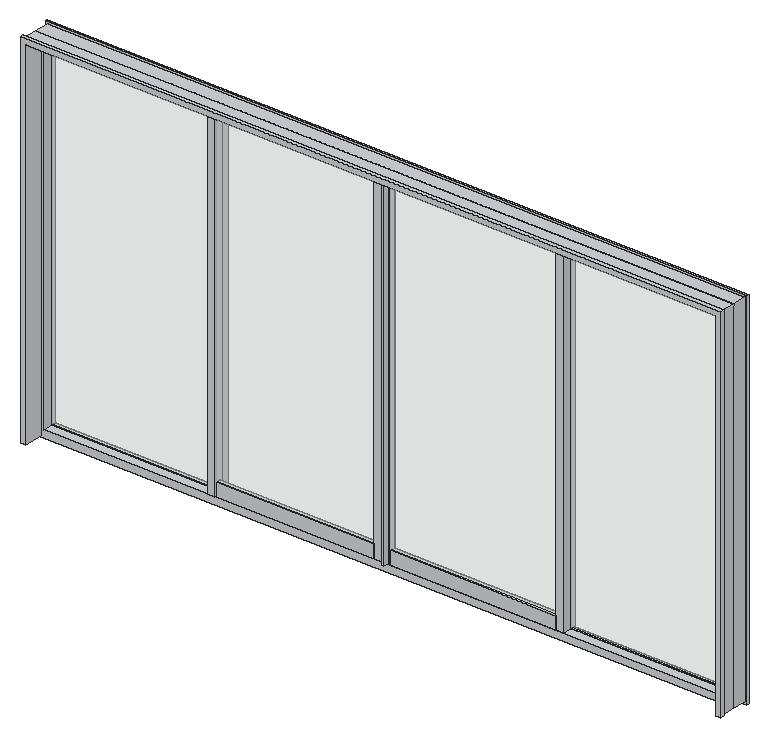
Revit family "APL Residential Thermal Heart Sliding Door FSSF", category Doors, host Wall, Revit 2017 (continued)
Definition of nested family "APL Residential Thermal Heart Sliding Door FSSF Horizontal Section"
  Definition of nested family "Jamb Fixed"
    Definition of nested family "65400_Jamb Fixed"
      Lines and regions (mm)
        detail lines, in view "Ref. Level"
          curve 230: line (84.6, 28.8, 0) -> (84.307, 28.8, 0)
          curve 231: line (84.107, 28.854, 0) -> (82.579, 29.739, 0)
          curve 232: line (81.684, 29.703, 0) -> (80.796, 27.263, 0)
          curve 233: line (80.42, 27, 0) -> (74.78, 27, 0)
          curve 234: line (74.404, 27.263, 0) -> (73.516, 29.703, 0)
          curve 235: line (72.621, 29.739, 0) -> (71.093, 28.854, 0)
          curve 236: line (70.893, 28.8, 0) -> (70.6, 28.8, 0)
          curve 237: line (70.2, 29.2, 0) -> (70.2, 32.6, 0)
          curve 238: arc (70.2, 37.4, 0) -> (70.317, 37.117, 0) -> (70.6, 37, 0) r 0.4
          curve 239: arc (70.893, 37, 0) -> (70.996, 37.014, 0) -> (71.093, 37.054, 0) r 0.4
          curve 240: arc (72.621, 37.939, 0) -> (72.911, 38.059, 0) -> (73.222, 38.1, 0) r 1.2
          curve 241: arc (74.145, 38.1, 0) -> (74.718, 38.281, 0) -> (75.084, 38.758, 0) r 1
          curve 242: arc (75.877, 40.937, 0) -> (76.024, 41.128, 0) -> (76.253, 41.2, 0) r 0.4
          curve 243: arc (78.947, 41.2, 0) -> (79.176, 41.128, 0) -> (79.323, 40.937, 0) r 0.4
          curve 244: arc (80.116, 38.758, 0) -> (80.482, 38.281, 0) -> (81.055, 38.1, 0) r 1
          curve 245: arc (81.978, 38.1, 0) -> (82.289, 38.059, 0) -> (82.579, 37.939, 0) r 1.2
          curve 246: arc (84.107, 37.054, 0) -> (84.204, 37.014, 0) -> (84.307, 37, 0) r 0.4
          curve 247: arc (84.6, 37, 0) -> (84.883, 37.117, 0) -> (85, 37.4, 0) r 0.4
          curve 248: arc (85, 40.8, 0) -> (84.883, 41.083, 0) -> (84.6, 41.2, 0) r 0.4
          curve 249: arc (84.307, 41.2, 0) -> (84.204, 41.186, 0) -> (84.107, 41.146, 0) r 0.4
          curve 250: arc (82.579, 40.262, 0) -> (82.285, 40.14, 0) -> (81.97, 40.1, 0) r 1.2
          curve 251: arc (81.97, 40.1, 0) -> (81.795, 40.153, 0) -> (81.684, 40.297, 0) r 0.3
          curve 252: arc (80.796, 42.737, 0) -> (80.649, 42.928, 0) -> (80.42, 43, 0) r 0.4
          curve 253: arc (74.78, 43, 0) -> (74.551, 42.928, 0) -> (74.404, 42.737, 0) r 0.4
          curve 254: arc (73.516, 40.297, 0) -> (73.405, 40.153, 0) -> (73.23, 40.1, 0) r 0.3
          curve 255: arc (73.23, 40.1, 0) -> (72.915, 40.14, 0) -> (72.621, 40.262, 0) r 1.2
          curve 256: arc (71.093, 41.146, 0) -> (70.996, 41.186, 0) -> (70.893, 41.2, 0) r 0.4
          curve 257: arc (70.6, 41.2, 0) -> (70.317, 41.083, 0) -> (70.2, 40.8, 0) r 0.4
          curve 258: line (70.6, 37, 0) -> (70.893, 37, 0)
          curve 259: line (71.093, 37.054, 0) -> (72.621, 37.939, 0)
          curve 260: line (73.222, 38.1, 0) -> (74.145, 38.1, 0)
          curve 261: line (75.084, 38.758, 0) -> (75.877, 40.937, 0)
          curve 262: line (76.253, 41.2, 0) -> (78.947, 41.2, 0)
          curve 263: line (79.323, 40.937, 0) -> (80.116, 38.758, 0)
          curve 264: line (81.055, 38.1, 0) -> (81.978, 38.1, 0)
          curve 265: line (82.579, 37.939, 0) -> (84.107, 37.054, 0)
          curve 266: line (84.307, 37, 0) -> (84.6, 37, 0)
          curve 267: line (85, 37.4, 0) -> (85, 40.8, 0)
          curve 268: line (84.6, 41.2, 0) -> (84.307, 41.2, 0)
          curve 269: line (84.107, 41.146, 0) -> (82.579, 40.262, 0)
          curve 270: line (81.684, 40.297, 0) -> (80.796, 42.737, 0)
          curve 271: line (80.42, 43, 0) -> (74.78, 43, 0)
          curve 272: line (74.404, 42.737, 0) -> (73.516, 40.297, 0)
          curve 273: line (72.621, 40.262, 0) -> (71.093, 41.146, 0)
          curve 274: line (70.893, 41.2, 0) -> (70.6, 41.2, 0)
          curve 275: line (70.2, 40.8, 0) -> (70.2, 37.4, 0)
          curve 276: arc (113.4, 7.123, 0) -> (113.327, 7.05, 0) -> (113.3, 6.95, 0) r 0.2
          curve 277: arc (113.3, 2.75, 0) -> (113.327, 2.65, 0) -> (113.4, 2.577, 0) r 0.2
          curve 278: arc (113.4, 2.577, 0) -> (113.473, 2.504, 0) -> (113.5, 2.404, 0) r 0.2
          curve 279: arc (113.5, 1.2, 0) -> (113.441, 1.059, 0) -> (113.3, 1, 0) r 0.2
          curve 280: arc (111.701, 1, 0) -> (111.559, 1.058, 0) -> (111.5, 1.2, 0) r 0.2
          curve 281: arc (111.5, 2.05, 0) -> (111, 2.549, 0) -> (110.5, 2.05, 0) r 0.5
          curve 282: arc (110.5, 0.5, 0) -> (110.646, 0.146, 0) -> (111, 0, 0) r 0.499
          curve 283: arc (114.5, 0, 0) -> (114.847, 0.153, 0) -> (115, 0.5, 0) r 0.523
          curve 284: arc (115, 21.5, 0) -> (114.856, 21.856, 0) -> (114.5, 22, 0) r 0.493
          curve 285: arc (111.7, 22, 0) -> (111.558, 22.058, 0) -> (111.5, 22.2, 0) r 0.199
          curve 286: arc (111.5, 29.801, 0) -> (110.852, 31.441, 0) -> (109.258, 32.195, 0) r 2.399
          curve 287: arc (109.258, 32.195, 0) -> (108.878, 32.412, 0) -> (108.814, 32.844, 0) r 0.5
          curve 288: arc (108.814, 32.844, 0) -> (109, 34.047, 0) -> (108.816, 35.25, 0) r 4
          curve 289: arc (108.816, 35.25, 0) -> (108.89, 35.696, 0) -> (109.293, 35.9, 0) r 0.5
          curve 290: arc (109.5, 35.9, 0) -> (110.914, 36.486, 0) -> (111.5, 37.9, 0) r 2.001
          curve 291: arc (120.75, 41.5, 0) -> (121.501, 42.253, 0) -> (120.745, 43, 0) r 0.75
          curve 292: arc (111.5, 43, 0) -> (110.439, 42.561, 0) -> (110, 41.5, 0) r 1.5
          curve 293: arc (110, 38, 0) -> (109.941, 37.859, 0) -> (109.8, 37.8, 0) r 0.2
          curve 294: arc (100.5, 37.8, 0) -> (100.146, 37.654, 0) -> (100, 37.3, 0) r 0.5
          curve 295: arc (100, 36.8, 0) -> (100.146, 36.446, 0) -> (100.5, 36.3, 0) r 0.5
          curve 296: arc (101.927, 36.3, 0) -> (102.266, 36.167, 0) -> (102.426, 35.84, 0) r 0.5
          curve 297: arc (102.426, 35.84, 0) -> (102.912, 35.197, 0) -> (103.7, 35.366, 0) r 0.75
          curve 298: arc (103.7, 35.366, 0) -> (105, 35.9, 0) -> (106.3, 35.366, 0) r 1.85
          curve 299: arc (106.3, 35.366, 0) -> (106.442, 35.256, 0) -> (106.607, 35.183, 0) r 0.75
          curve 300: arc (106.607, 35.183, 0) -> (106.791, 35.08, 0) -> (106.916, 34.91, 0) r 0.5
          curve 301: arc (106.916, 34.91, 0) -> (107.1, 34.05, 0) -> (106.916, 33.19, 0) r 2.1
          curve 302: arc (106.916, 33.19, 0) -> (106.791, 33.02, 0) -> (106.607, 32.917, 0) r 0.5
          curve 303: arc (106.607, 32.917, 0) -> (106.442, 32.844, 0) -> (106.3, 32.734, 0) r 0.75
          curve 304: arc (106.3, 32.734, 0) -> (105, 32.2, 0) -> (103.7, 32.734, 0) r 1.85
          curve 305: arc (103.7, 32.734, 0) -> (103.027, 32.936, 0) -> (102.482, 32.491, 0) r 0.75
          curve 306: arc (102.482, 32.491, 0) -> (102.32, 32.284, 0) -> (102.075, 32.188, 0) r 0.5
          curve 307: arc (102.075, 32.188, 0) -> (101.154, 31.86, 0) -> (100.481, 31.15, 0) r 2.1
          curve 308: arc (100.481, 31.15, 0) -> (100.298, 30.967, 0) -> (100.048, 30.9, 0) r 0.5
          curve 309: arc (91.556, 30.9, 0) -> (91.287, 30.978, 0) -> (91.103, 31.188, 0) r 0.5
          curve 310: arc (91.103, 31.188, 0) -> (90.328, 32.071, 0) -> (89.2, 32.4, 0) r 2.1
          curve 311: arc (87.9, 32.4, 0) -> (87.193, 32.693, 0) -> (86.9, 33.4, 0) r 1
          curve 312: arc (86.9, 42.5, 0) -> (86.754, 42.854, 0) -> (86.4, 43, 0) r 0.5
          curve 313: arc (84.083, 43, 0) -> (83.778, 42.801, 0) -> (83.505, 43.043, 0) r 0.3
          curve 314: arc (83.505, 43.043, 0) -> (83.439, 43.181, 0) -> (83.313, 43.268, 0) r 0.3
          curve 315: arc (81.903, 43.782, 0) -> (81.617, 43.738, 0) -> (81.501, 43.474, 0) r 0.3
          curve 316: arc (81.708, 41.108, 0) -> (81.735, 41.008, 0) -> (81.795, 40.922, 0) r 0.3
          curve 317: arc (82.159, 40.559, 0) -> (82.352, 40.507, 0) -> (82.493, 40.648, 0) r 0.2
          curve 318: arc (82.538, 40.816, 0) -> (82.59, 40.905, 0) -> (82.679, 40.957, 0) r 0.2
          curve 319: arc (84.822, 41.49, 0) -> (85.164, 41.343, 0) -> (85.1, 40.976, 0) r 0.3
          curve 320: arc (85.1, 40.976, 0) -> (85.026, 40.875, 0) -> (85, 40.753, 0) r 0.3
          curve 321: arc (85.194, 36.75, 0) -> (85.158, 36.578, 0) -> (85, 36.5, 0) r 0.2
          curve 322: arc (84.479, 36.5, 0) -> (84.398, 36.511, 0) -> (84.323, 36.544, 0) r 0.3
          curve 323: arc (83.069, 37.309, 0) -> (83.063, 37.502, 0) -> (82.92, 37.633, 0) r 0.25
          curve 324: arc (82.92, 37.633, 0) -> (82.65, 37.679, 0) -> (82.5, 37.45, 0) r 0.25
          curve 325: arc (82.5, 35.874, 0) -> (82.582, 35.477, 0) -> (82.815, 35.146, 0) r 1
          curve 326: arc (82.815, 35.146, 0) -> (82.878, 35, 0) -> (82.815, 34.854, 0) r 0.2
          curve 327: arc (82.815, 34.854, 0) -> (82.582, 34.523, 0) -> (82.5, 34.126, 0) r 1
          curve 328: arc (82.5, 32.55, 0) -> (82.628, 32.332, 0) -> (82.88, 32.337, 0) r 0.25
          curve 329: arc (82.966, 32.389, 0) -> (83.072, 32.521, 0) -> (83.069, 32.691, 0) r 0.25
          curve 330: arc (84.323, 33.456, 0) -> (84.398, 33.489, 0) -> (84.479, 33.5, 0) r 0.3
          curve 331: arc (85, 33.5, 0) -> (85.158, 33.423, 0) -> (85.194, 33.25, 0) r 0.2
          curve 332: arc (85, 29.247, 0) -> (85.026, 29.125, 0) -> (85.1, 29.024, 0) r 0.3
          curve 333: arc (85.1, 29.024, 0) -> (85.164, 28.657, 0) -> (84.822, 28.51, 0) r 0.3
          curve 334: arc (82.679, 29.043, 0) -> (82.59, 29.095, 0) -> (82.538, 29.184, 0) r 0.2
          curve 335: arc (82.493, 29.352, 0) -> (82.352, 29.493, 0) -> (82.159, 29.441, 0) r 0.2
          curve 336: arc (81.795, 29.078, 0) -> (81.735, 28.992, 0) -> (81.708, 28.892, 0) r 0.3
          curve 337: arc (81.501, 26.526, 0) -> (81.617, 26.262, 0) -> (81.903, 26.218, 0) r 0.3
          curve 338: arc (83.313, 26.732, 0) -> (83.439, 26.819, 0) -> (83.505, 26.957, 0) r 0.3
          curve 339: arc (83.505, 26.957, 0) -> (83.778, 27.199, 0) -> (84.083, 27, 0) r 0.3
          curve 340: arc (86.7, 27, 0) -> (86.841, 27.059, 0) -> (86.9, 27.2, 0) r 0.2
          curve 341: arc (86.9, 30.3, 0) -> (86.959, 30.441, 0) -> (87.1, 30.5, 0) r 0.2
          curve 342: arc (89.2, 30.5, 0) -> (89.341, 30.441, 0) -> (89.4, 30.3, 0) r 0.2
          curve 343: arc (89.4, 29.2, 0) -> (89.459, 29.059, 0) -> (89.6, 29, 0) r 0.2
          curve 344: arc (101.9, 29, 0) -> (102.042, 29.059, 0) -> (102.1, 29.2, 0) r 0.2
          curve 345: arc (102.1, 30.1, 0) -> (102.159, 30.241, 0) -> (102.3, 30.3, 0) r 0.2
          curve 346: arc (109.1, 30.3, 0) -> (109.454, 30.154, 0) -> (109.6, 29.8, 0) r 0.5
          curve 347: arc (109.6, 28.5, 0) -> (109.541, 28.359, 0) -> (109.4, 28.3, 0) r 0.2
          curve 348: arc (107.3, 28.3, 0) -> (107.159, 28.241, 0) -> (107.1, 28.1, 0) r 0.2
          curve 349: arc (107.1, 27.2, 0) -> (107.159, 27.059, 0) -> (107.3, 27, 0) r 0.2
          curve 350: arc (109.5, 27, 0) -> (109.854, 26.854, 0) -> (110, 26.5, 0) r 0.5
          curve 351: arc (110, 20.2, 0) -> (110.146, 19.846, 0) -> (110.5, 19.7, 0) r 0.5
          curve 352: arc (111.3, 19.7, 0) -> (111.441, 19.759, 0) -> (111.5, 19.9, 0) r 0.2
          curve 353: arc (113.3, 20.7, 0) -> (113.441, 20.641, 0) -> (113.5, 20.5, 0) r 0.2
          curve 354: arc (113.5, 15.6, 0) -> (113.1, 15.2, 0) -> (113.5, 14.8, 0) r 0.4
          curve 355: arc (113.5, 9.9, 0) -> (113.441, 9.759, 0) -> (113.3, 9.7, 0) r 0.2
          curve 356: arc (111.5, 10.3, 0) -> (111.383, 10.583, 0) -> (111.1, 10.7, 0) r 0.4
          curve 357: arc (111, 10.7, 0) -> (110.646, 10.553, 0) -> (110.5, 10.2, 0) r 0.5
          curve 358: arc (110.5, 7.65, 0) -> (111, 7.15, 0) -> (111.5, 7.65, 0) r 0.5
          curve 359: arc (111.5, 8.5, 0) -> (111.559, 8.641, 0) -> (111.7, 8.7, 0) r 0.2
          curve 360: arc (113.3, 8.7, 0) -> (113.441, 8.641, 0) -> (113.5, 8.5, 0) r 0.2
          curve 361: line (113.3, 6.95, 0) -> (113.3, 2.75, 0)
          curve 362: line (113.5, 2.404, 0) -> (113.5, 1.2, 0)
          curve 363: line (113.3, 1, 0) -> (111.701, 1, 0)
          curve 364: line (111.5, 1.2, 0) -> (111.5, 2.05, 0)
          curve 365: line (110.5, 2.05, 0) -> (110.5, 0.5, 0)
          curve 366: line (111, 0, 0) -> (114.5, 0, 0)
          curve 367: line (115, 0.5, 0) -> (115, 21.5, 0)
          curve 368: line (114.5, 22, 0) -> (111.7, 22, 0)
          curve 369: line (111.5, 22.2, 0) -> (111.5, 29.801, 0)
          curve 370: line (109.293, 35.9, 0) -> (109.5, 35.9, 0)
          curve 371: line (111.5, 37.9, 0) -> (111.5, 41.5, 0)
          curve 372: line (111.5, 41.5, 0) -> (120.75, 41.5, 0)
          curve 373: line (120.745, 43, 0) -> (119, 43, 0)
          curve 374: line (119, 43, 0) -> (118.6, 42.6, 0)
          curve 375: line (118.6, 42.6, 0) -> (112.3, 42.6, 0)
          curve 376: line (112.3, 42.6, 0) -> (111.9, 43, 0)
          curve 377: line (111.9, 43, 0) -> (111.5, 43, 0)
          curve 378: line (110, 41.5, 0) -> (110, 38, 0)
          curve 379: line (109.8, 37.8, 0) -> (100.5, 37.8, 0)
          curve 380: line (100, 37.3, 0) -> (100, 36.8, 0)
          curve 381: line (100.5, 36.3, 0) -> (101.927, 36.3, 0)
          curve 382: line (100.048, 30.9, 0) -> (91.556, 30.9, 0)
          curve 383: line (89.2, 32.4, 0) -> (87.9, 32.4, 0)
          curve 384: line (86.9, 33.4, 0) -> (86.9, 42.5, 0)
          curve 385: line (86.4, 43, 0) -> (84.083, 43, 0)
          curve 386: line (83.313, 43.268, 0) -> (81.903, 43.782, 0)
          curve 387: line (81.501, 43.474, 0) -> (81.708, 41.108, 0)
          curve 388: line (81.795, 40.922, 0) -> (82.159, 40.559, 0)
          curve 389: line (82.493, 40.648, 0) -> (82.538, 40.816, 0)
          curve 390: line (82.679, 40.957, 0) -> (84.812, 41.528, 0)
          curve 391: line (85, 40.753, 0) -> (85, 37.525, 0)
          curve 392: line (85, 37.5, 0) -> (85.194, 36.75, 0)
          curve 393: line (85, 36.5, 0) -> (84.479, 36.5, 0)
          curve 394: line (84.323, 36.544, 0) -> (83.069, 37.309, 0)
          curve 395: line (82.5, 37.45, 0) -> (82.5, 35.874, 0)
          curve 396: line (82.5, 34.126, 0) -> (82.5, 32.55, 0)
          curve 397: line (83.069, 32.691, 0) -> (84.323, 33.456, 0)
          curve 398: line (84.479, 33.5, 0) -> (85, 33.5, 0)
          curve 399: line (85.194, 33.25, 0) -> (85, 32.5, 0)
          curve 400: line (85, 32.475, 0) -> (85, 29.248, 0)
          curve 401: line (84.812, 28.472, 0) -> (82.679, 29.043, 0)
          curve 402: line (82.538, 29.184, 0) -> (82.493, 29.352, 0)
          curve 403: line (82.159, 29.441, 0) -> (81.795, 29.078, 0)
          curve 404: line (81.708, 28.892, 0) -> (81.501, 26.526, 0)
          curve 405: line (81.903, 26.218, 0) -> (83.313, 26.732, 0)
          curve 406: line (84.083, 27, 0) -> (86.7, 27, 0)
          curve 407: line (86.9, 27.2, 0) -> (86.9, 30.3, 0)
          curve 408: line (87.1, 30.5, 0) -> (89.2, 30.5, 0)
          curve 409: line (89.4, 30.3, 0) -> (89.4, 29.2, 0)
          curve 410: line (89.6, 29, 0) -> (95.4, 29, 0)
          curve 411: line (95.4, 29, 0) -> (95.8, 29.4, 0)
          curve 412: line (95.8, 29.4, 0) -> (96.2, 29, 0)
          curve 413: line (96.2, 29, 0) -> (101.9, 29, 0)
          curve 414: line (102.1, 29.2, 0) -> (102.1, 30.1, 0)
          curve 415: line (102.3, 30.3, 0) -> (109.1, 30.3, 0)
          curve 416: line (109.6, 29.8, 0) -> (109.6, 28.5, 0)
          curve 417: line (109.4, 28.3, 0) -> (107.3, 28.3, 0)
          curve 418: line (107.1, 28.1, 0) -> (107.1, 27.2, 0)
          curve 419: line (107.3, 27, 0) -> (109.5, 27, 0)
          curve 420: line (110, 26.5, 0) -> (110, 20.2, 0)
          curve 421: line (110.5, 19.7, 0) -> (111.3, 19.7, 0)
          curve 422: line (111.5, 19.9, 0) -> (111.5, 20.7, 0)
          curve 423: line (111.5, 20.7, 0) -> (113.3, 20.7, 0)
          curve 424: line (113.5, 20.5, 0) -> (113.5, 15.6, 0)
          curve 425: line (113.5, 14.8, 0) -> (113.5, 9.9, 0)
          curve 426: line (113.3, 9.7, 0) -> (111.5, 9.7, 0)
          curve 427: line (111.5, 9.7, 0) -> (111.5, 10.3, 0)
          curve 428: line (110.5, 10.2, 0) -> (110.5, 7.65, 0)
          curve 429: line (111.5, 7.65, 0) -> (111.5, 8.5, 0)
          curve 430: line (111.7, 8.7, 0) -> (113.3, 8.7, 0)
          curve 431: line (113.5, 8.5, 0) -> (113.5, 7.296, 0)
          curve 432: arc (113.5, 7.296, 0) -> (113.473, 7.196, 0) -> (113.4, 7.123, 0) r 0.2
          curve 433: arc (12.7, 24.6, 0) -> (12.817, 24.883, 0) -> (13.1, 25, 0) r 0.4
          curve 434: arc (13.393, 25, 0) -> (13.496, 24.986, 0) -> (13.593, 24.946, 0) r 0.4
          curve 435: arc (15.121, 24.062, 0) -> (15.411, 23.941, 0) -> (15.722, 23.9, 0) r 1.2
          curve 436: arc (16.645, 23.9, 0) -> (17.218, 23.719, 0) -> (17.584, 23.242, 0) r 1
          curve 437: arc (18.377, 21.063, 0) -> (18.524, 20.872, 0) -> (18.753, 20.8, 0) r 0.4
          curve 438: arc (21.447, 20.8, 0) -> (21.676, 20.872, 0) -> (21.823, 21.063, 0) r 0.4
          curve 439: arc (22.616, 23.242, 0) -> (22.982, 23.719, 0) -> (23.555, 23.9, 0) r 1
          curve 440: arc (24.478, 23.9, 0) -> (24.789, 23.941, 0) -> (25.079, 24.062, 0) r 1.2
          curve 441: arc (26.607, 24.946, 0) -> (26.704, 24.986, 0) -> (26.807, 25, 0) r 0.4
          curve 442: arc (27.1, 25, 0) -> (27.383, 24.883, 0) -> (27.5, 24.6, 0) r 0.4
          curve 443: arc (27.5, 21.2, 0) -> (27.383, 20.917, 0) -> (27.1, 20.8, 0) r 0.4
          curve 444: arc (26.807, 20.8, 0) -> (26.704, 20.814, 0) -> (26.607, 20.854, 0) r 0.4
          curve 445: arc (25.079, 21.739, 0) -> (24.785, 21.86, 0) -> (24.47, 21.9, 0) r 1.2
          curve 446: arc (24.47, 21.9, 0) -> (24.295, 21.847, 0) -> (24.184, 21.703, 0) r 0.3
          curve 447: arc (23.296, 19.263, 0) -> (23.149, 19.072, 0) -> (22.92, 19, 0) r 0.4
          curve 448: arc (17.28, 19, 0) -> (17.051, 19.072, 0) -> (16.904, 19.263, 0) r 0.4
          curve 449: arc (16.016, 21.703, 0) -> (15.905, 21.847, 0) -> (15.73, 21.9, 0) r 0.3
          curve 450: arc (15.73, 21.9, 0) -> (15.415, 21.86, 0) -> (15.121, 21.739, 0) r 1.2
          curve 451: arc (13.593, 20.854, 0) -> (13.496, 20.814, 0) -> (13.393, 20.8, 0) r 0.4
          curve 452: arc (13.1, 20.8, 0) -> (12.817, 20.917, 0) -> (12.7, 21.2, 0) r 0.4
          curve 453: line (13.1, 25, 0) -> (13.393, 25, 0)
          curve 454: line (13.593, 24.946, 0) -> (15.121, 24.062, 0)
          curve 455: line (15.722, 23.9, 0) -> (16.645, 23.9, 0)
          curve 456: line (17.584, 23.242, 0) -> (18.377, 21.063, 0)
          curve 457: line (18.753, 20.8, 0) -> (21.447, 20.8, 0)
          curve 458: line (21.823, 21.063, 0) -> (22.616, 23.242, 0)
          curve 459: line (23.555, 23.9, 0) -> (24.478, 23.9, 0)
          curve 460: line (25.079, 24.062, 0) -> (26.607, 24.946, 0)
          curve 461: line (26.807, 25, 0) -> (27.1, 25, 0)
          curve 462: line (27.5, 24.6, 0) -> (27.5, 21.2, 0)
          curve 463: line (27.1, 20.8, 0) -> (26.807, 20.8, 0)
          curve 464: line (26.607, 20.854, 0) -> (25.079, 21.739, 0)
          curve 465: line (24.184, 21.703, 0) -> (23.296, 19.263, 0)
          curve 466: line (22.92, 19, 0) -> (17.28, 19, 0)
          curve 467: line (16.904, 19.263, 0) -> (16.016, 21.703, 0)
          curve 468: line (15.121, 21.739, 0) -> (13.593, 20.854, 0)
          curve 469: line (13.393, 20.8, 0) -> (13.1, 20.8, 0)
          curve 470: line (12.7, 21.2, 0) -> (12.7, 24.6, 0)
          curve 471: arc (12.7, 40.8, 0) -> (12.817, 41.083, 0) -> (13.1, 41.2, 0) r 0.4
          curve 472: arc (13.393, 41.2, 0) -> (13.496, 41.186, 0) -> (13.593, 41.146, 0) r 0.4
          curve 473: arc (15.121, 40.262, 0) -> (15.411, 40.141, 0) -> (15.722, 40.1, 0) r 1.2
          curve 474: arc (16.645, 40.1, 0) -> (17.218, 39.919, 0) -> (17.584, 39.442, 0) r 1
          curve 475: arc (18.377, 37.263, 0) -> (18.524, 37.072, 0) -> (18.753, 37, 0) r 0.4
          curve 476: arc (21.447, 37, 0) -> (21.676, 37.072, 0) -> (21.823, 37.263, 0) r 0.4
          curve 477: arc (22.616, 39.442, 0) -> (22.982, 39.919, 0) -> (23.555, 40.1, 0) r 1
          curve 478: arc (24.478, 40.1, 0) -> (24.789, 40.141, 0) -> (25.079, 40.262, 0) r 1.2
          curve 479: arc (26.607, 41.146, 0) -> (26.704, 41.186, 0) -> (26.807, 41.2, 0) r 0.4
          curve 480: arc (27.1, 41.2, 0) -> (27.383, 41.083, 0) -> (27.5, 40.8, 0) r 0.4
          curve 481: arc (27.5, 37.4, 0) -> (27.383, 37.117, 0) -> (27.1, 37, 0) r 0.4
          curve 482: arc (26.807, 37, 0) -> (26.704, 37.014, 0) -> (26.607, 37.054, 0) r 0.4
          curve 483: arc (25.079, 37.939, 0) -> (24.785, 38.06, 0) -> (24.47, 38.1, 0) r 1.2
          curve 484: arc (24.47, 38.1, 0) -> (24.295, 38.047, 0) -> (24.184, 37.903, 0) r 0.3
          curve 485: arc (23.296, 35.463, 0) -> (23.149, 35.272, 0) -> (22.92, 35.2, 0) r 0.4
          curve 486: arc (17.28, 35.2, 0) -> (17.051, 35.272, 0) -> (16.904, 35.463, 0) r 0.4
          curve 487: arc (16.016, 37.903, 0) -> (15.905, 38.047, 0) -> (15.73, 38.1, 0) r 0.3
          curve 488: arc (15.73, 38.1, 0) -> (15.415, 38.06, 0) -> (15.121, 37.939, 0) r 1.2
          curve 489: arc (13.593, 37.054, 0) -> (13.496, 37.014, 0) -> (13.393, 37, 0) r 0.4
          curve 490: arc (13.1, 37, 0) -> (12.817, 37.117, 0) -> (12.7, 37.4, 0) r 0.4
          curve 491: line (13.1, 41.2, 0) -> (13.393, 41.2, 0)
          curve 492: line (13.593, 41.146, 0) -> (15.121, 40.262, 0)
          curve 493: line (15.722, 40.1, 0) -> (16.645, 40.1, 0)
          curve 494: line (17.584, 39.442, 0) -> (18.377, 37.263, 0)
          curve 495: line (18.753, 37, 0) -> (21.447, 37, 0)
          curve 496: line (21.823, 37.263, 0) -> (22.616, 39.442, 0)
          curve 497: line (23.555, 40.1, 0) -> (24.478, 40.1, 0)
          curve 498: line (25.079, 40.262, 0) -> (26.607, 41.146, 0)
          curve 499: line (26.807, 41.2, 0) -> (27.1, 41.2, 0)
          curve 500: line (27.5, 40.8, 0) -> (27.5, 37.4, 0)
          curve 501: line (27.1, 37, 0) -> (26.807, 37, 0)
          curve 502: line (26.607, 37.054, 0) -> (25.079, 37.939, 0)
          curve 503: line (24.184, 37.903, 0) -> (23.296, 35.463, 0)
          curve 504: line (22.92, 35.2, 0) -> (17.28, 35.2, 0)
          curve 505: line (16.904, 35.463, 0) -> (16.016, 37.903, 0)
          curve 506: line (15.121, 37.939, 0) -> (13.593, 37.054, 0)
          curve 507: line (13.393, 37, 0) -> (13.1, 37, 0)
          curve 508: line (12.7, 37.4, 0) -> (12.7, 40.8, 0)
          curve 509: arc (10.8, 36.502, 0) -> (11.356, 35.157, 0) -> (12.7, 34.6, 0) r 1.9
          curve 510: arc (13.1, 34.6, 0) -> (13.241, 34.541, 0) -> (13.3, 34.4, 0) r 0.2
          curve 511: arc (13.3, 27.6, 0) -> (13.241, 27.459, 0) -> (13.1, 27.4, 0) r 0.2
          curve 512: arc (11, 27.4, 0) -> (10.859, 27.341, 0) -> (10.8, 27.2, 0) r 0.2
          curve 513: arc (10.8, 26.717, 0) -> (10.741, 26.575, 0) -> (10.6, 26.517, 0) r 0.2
          curve 514: arc (1.9, 26.517, 0) -> (1.546, 26.663, 0) -> (1.4, 27.017, 0) r 0.5
          curve 515: arc (1.4, 40.755, 0) -> (1.521, 41.369, 0) -> (1.869, 41.889, 0) r 1.6
          curve 516: arc (6.387, 46.407, 0) -> (6.711, 46.624, 0) -> (7.094, 46.7, 0) r 1
          curve 517: arc (9.8, 46.7, 0) -> (10.507, 46.407, 0) -> (10.8, 45.7, 0) r 1
          curve 518: arc (1.665, 19.379, 0) -> (1.729, 19.478, 0) -> (1.725, 19.597, 0) r 0.2
          curve 519: arc (1.725, 19.597, 0) -> (1.621, 19.766, 0) -> (1.453, 19.873, 0) r 0.45
          curve 520: arc (1.453, 19.873, 0) -> (1.357, 19.948, 0) -> (1.322, 20.064, 0) r 0.2
          curve 521: arc (1.379, 24.919, 0) -> (1.438, 25.059, 0) -> (1.579, 25.117, 0) r 0.2
          curve 522: arc (10.6, 25.117, 0) -> (10.741, 25.058, 0) -> (10.8, 24.917, 0) r 0.2
          curve 523: arc (10.8, 20.828, 0) -> (10.773, 20.728, 0) -> (10.7, 20.655, 0) r 0.2
          curve 524: arc (9.6, 20.02, 0) -> (9.38, 19.8, 0) -> (9.3, 19.5, 0) r 0.6
          curve 525: arc (9.3, 19.2, 0) -> (9.359, 19.059, 0) -> (9.5, 19, 0) r 0.2
          curve 526: arc (13.617, 19, 0) -> (13.922, 19.199, 0) -> (14.195, 18.957, 0) r 0.3
          curve 527: arc (14.195, 18.957, 0) -> (14.261, 18.819, 0) -> (14.387, 18.732, 0) r 0.3
          curve 528: arc (15.797, 18.218, 0) -> (16.083, 18.262, 0) -> (16.199, 18.526, 0) r 0.3
          curve 529: arc (15.992, 20.892, 0) -> (15.965, 20.992, 0) -> (15.905, 21.078, 0) r 0.3
          curve 530: arc (15.541, 21.441, 0) -> (15.348, 21.493, 0) -> (15.207, 21.352, 0) r 0.2
          curve 531: arc (15.162, 21.184, 0) -> (15.11, 21.095, 0) -> (15.021, 21.043, 0) r 0.2
          curve 532: arc (12.878, 20.51, 0) -> (12.536, 20.657, 0) -> (12.6, 21.024, 0) r 0.3
          curve 533: arc (12.6, 21.024, 0) -> (12.674, 21.125, 0) -> (12.7, 21.247, 0) r 0.3
          curve 534: arc (12.506, 25.25, 0) -> (12.542, 25.422, 0) -> (12.7, 25.5, 0) r 0.2
          curve 535: arc (13.221, 25.5, 0) -> (13.302, 25.489, 0) -> (13.377, 25.456, 0) r 0.3
          curve 536: arc (14.631, 24.691, 0) -> (14.637, 24.498, 0) -> (14.78, 24.367, 0) r 0.25
          curve 537: arc (14.78, 24.367, 0) -> (15.05, 24.321, 0) -> (15.2, 24.55, 0) r 0.25
          curve 538: arc (15.2, 34.401, 0) -> (15.259, 34.542, 0) -> (15.4, 34.6, 0) r 0.2
          curve 539: arc (16.479, 34.6, 0) -> (16.643, 34.685, 0) -> (16.667, 34.868, 0) r 0.2
          curve 540: arc (15.775, 37.318, 0) -> (15.702, 37.414, 0) -> (15.587, 37.45, 0) r 0.2
          curve 541: arc (15.353, 37.45, 0) -> (15.248, 37.48, 0) -> (15.174, 37.561, 0) r 0.2
          curve 542: arc (15.174, 37.561, 0) -> (14.995, 37.696, 0) -> (14.78, 37.633, 0) r 0.25
          curve 543: arc (14.78, 37.633, 0) -> (14.637, 37.502, 0) -> (14.631, 37.309, 0) r 0.25
          curve 544: arc (13.377, 36.544, 0) -> (13.302, 36.511, 0) -> (13.221, 36.5, 0) r 0.3
          curve 545: arc (12.7, 36.5, 0) -> (12.542, 36.578, 0) -> (12.506, 36.75, 0) r 0.2
          curve 546: arc (12.7, 40.753, 0) -> (12.674, 40.875, 0) -> (12.6, 40.976, 0) r 0.3
          curve 547: arc (12.6, 40.976, 0) -> (12.536, 41.343, 0) -> (12.878, 41.49, 0) r 0.3
          curve 548: arc (15.021, 40.957, 0) -> (15.11, 40.905, 0) -> (15.162, 40.816, 0) r 0.2
          curve 549: arc (15.207, 40.648, 0) -> (15.348, 40.507, 0) -> (15.541, 40.559, 0) r 0.2
          curve 550: arc (15.905, 40.922, 0) -> (15.965, 41.008, 0) -> (15.992, 41.108, 0) r 0.3
          curve 551: arc (16.199, 43.474, 0) -> (16.083, 43.738, 0) -> (15.797, 43.782, 0) r 0.3
          curve 552: arc (14.387, 43.268, 0) -> (14.261, 43.181, 0) -> (14.195, 43.043, 0) r 0.3
          curve 553: arc (14.195, 43.043, 0) -> (13.922, 42.801, 0) -> (13.617, 43, 0) r 0.3
          curve 554: arc (12.6, 43, 0) -> (12.459, 43.059, 0) -> (12.4, 43.2, 0) r 0.2
          curve 555: arc (12.4, 45.696, 0) -> (11.64, 47.537, 0) -> (9.8, 48.3, 0) r 2.6
          curve 556: arc (7.9, 48.3, 0) -> (7.547, 48.446, 0) -> (7.4, 48.8, 0) r 0.5
          curve 557: arc (7.4, 56.402, 0) -> (7.508, 56.581, 0) -> (7.716, 56.566, 0) r 0.2
          curve 558: arc (7.716, 56.566, 0) -> (8.721, 56.692, 0) -> (8.684, 57.705, 0) r 0.75
          curve 559: arc (8.684, 57.705, 0) -> (8.15, 59.005, 0) -> (8.684, 60.305, 0) r 1.85
          curve 560: arc (8.684, 60.305, 0) -> (8.794, 60.447, 0) -> (8.867, 60.612, 0) r 0.75
          curve 561: arc (8.867, 60.612, 0) -> (8.97, 60.796, 0) -> (9.14, 60.921, 0) r 0.5
          curve 562: arc (9.14, 60.921, 0) -> (10, 61.105, 0) -> (10.86, 60.921, 0) r 2.1
          curve 563: arc (10.86, 60.921, 0) -> (11.03, 60.796, 0) -> (11.133, 60.612, 0) r 0.5
          curve 564: arc (11.133, 60.612, 0) -> (11.206, 60.447, 0) -> (11.316, 60.305, 0) r 0.75
          curve 565: arc (11.316, 60.305, 0) -> (11.85, 59.005, 0) -> (11.316, 57.705, 0) r 1.85
          curve 566: arc (11.316, 57.705, 0) -> (11.323, 56.644, 0) -> (12.384, 56.651, 0) r 0.75
          curve 567: arc (12.384, 56.651, 0) -> (13.348, 58.881, 0) -> (12.551, 61.176, 0) r 3.35
          curve 568: arc (12.551, 61.176, 0) -> (12.478, 61.71, 0) -> (12.932, 62, 0) r 0.5
          curve 569: arc (13.15, 62, 0) -> (13.291, 62.059, 0) -> (13.35, 62.2, 0) r 0.2
          curve 570: arc (13.35, 62.5, 0) -> (13.204, 62.854, 0) -> (12.85, 63, 0) r 0.5
          curve 571: arc (7, 63, 0) -> (6.293, 62.707, 0) -> (6, 62, 0) r 1
          curve 572: arc (6, 49.243, 0) -> (5.772, 48.095, 0) -> (5.121, 47.121, 0) r 3
          curve 573: arc (0.879, 42.879, 0) -> (0.228, 41.905, 0) -> (0, 40.757, 0) r 3
          curve 574: arc (0, 19.2, 0) -> (0.059, 19.059, 0) -> (0.2, 19, 0) r 0.2
          curve 575: line (10.8, 45.7, 0) -> (10.8, 36.502, 0)
          curve 576: line (12.7, 34.6, 0) -> (13.1, 34.6, 0)
          curve 577: line (13.3, 34.4, 0) -> (13.3, 27.6, 0)
          curve 578: line (13.1, 27.4, 0) -> (11, 27.4, 0)
          curve 579: line (10.8, 27.2, 0) -> (10.8, 26.717, 0)
          curve 580: line (10.6, 26.517, 0) -> (1.9, 26.517, 0)
          curve 581: line (1.4, 27.017, 0) -> (1.4, 40.755, 0)
          curve 582: line (1.869, 41.889, 0) -> (6.387, 46.407, 0)
          curve 583: line (7.094, 46.7, 0) -> (9.8, 46.7, 0)
          curve 584: line (1.322, 20.064, 0) -> (1.379, 24.919, 0)
          curve 585: line (1.579, 25.117, 0) -> (10.6, 25.117, 0)
          curve 586: line (10.8, 24.917, 0) -> (10.8, 20.828, 0)
          curve 587: line (10.7, 20.655, 0) -> (9.6, 20.02, 0)
          curve 588: line (9.3, 19.5, 0) -> (9.3, 19.2, 0)
          curve 589: line (9.5, 19, 0) -> (13.617, 19, 0)
          curve 590: line (14.387, 18.732, 0) -> (15.797, 18.218, 0)
          curve 591: line (16.199, 18.526, 0) -> (15.992, 20.892, 0)
          curve 592: line (15.905, 21.078, 0) -> (15.541, 21.441, 0)
          curve 593: line (15.207, 21.352, 0) -> (15.162, 21.184, 0)
          curve 594: line (15.021, 21.043, 0) -> (12.888, 20.472, 0)
          curve 595: line (12.7, 21.247, 0) -> (12.7, 24.475, 0)
          curve 596: line (12.7, 24.5, 0) -> (12.506, 25.25, 0)
          curve 597: line (12.7, 25.5, 0) -> (13.221, 25.5, 0)
          curve 598: line (13.377, 25.456, 0) -> (14.631, 24.691, 0)
          curve 599: line (15.2, 24.55, 0) -> (15.2, 26.126, 0)
          curve 600: line (15.2, 26.126, 0) -> (15.2, 34.401, 0)
          curve 601: line (15.4, 34.6, 0) -> (16.479, 34.6, 0)
          curve 602: line (16.667, 34.868, 0) -> (15.775, 37.318, 0)
          curve 603: line (15.587, 37.45, 0) -> (15.353, 37.45, 0)
          curve 604: line (14.631, 37.309, 0) -> (13.377, 36.544, 0)
          curve 605: line (13.221, 36.5, 0) -> (12.7, 36.5, 0)
          curve 606: line (12.506, 36.75, 0) -> (12.7, 37.5, 0)
          curve 607: line (12.7, 37.525, 0) -> (12.7, 40.753, 0)
          curve 608: line (12.888, 41.528, 0) -> (15.021, 40.957, 0)
          curve 609: line (15.162, 40.816, 0) -> (15.207, 40.648, 0)
          curve 610: line (15.541, 40.559, 0) -> (15.905, 40.922, 0)
          curve 611: line (15.992, 41.108, 0) -> (16.199, 43.474, 0)
          curve 612: line (15.797, 43.782, 0) -> (14.387, 43.268, 0)
          curve 613: line (13.617, 43, 0) -> (12.6, 43, 0)
          curve 614: line (12.4, 43.2, 0) -> (12.4, 45.696, 0)
          curve 615: line (9.8, 48.3, 0) -> (7.9, 48.3, 0)
          curve 616: line (7.4, 48.8, 0) -> (7.4, 56.402, 0)
          curve 617: line (12.932, 62, 0) -> (13.15, 62, 0)
          curve 618: line (13.35, 62.2, 0) -> (13.35, 62.5, 0)
          curve 619: line (12.85, 63, 0) -> (7, 63, 0)
          curve 620: line (6, 62, 0) -> (6, 49.243, 0)
          curve 621: line (5.121, 47.121, 0) -> (0.879, 42.879, 0)
          curve 622: line (0, 40.757, 0) -> (0, 19.2, 0)
          curve 623: line (0.2, 19, 0) -> (1.214, 19, 0)
          curve 624: line (1.214, 19, 0) -> (1.665, 19.379, 0)
      Text (mm)
        text "65400" at (42.552, 67.011, 0), in view "Ref. Level"
    Definition of nested family "65585_Infill"
      Reference planes
        plane 1 "Center (Front/Back)": y = 0
        plane 2: z = 0
        plane 3 "Center (Left/Right)": x = 0
      Lines and regions (mm)
        model lines, in view "Ref. Level"
          curve 1: arc (0.752, -3.072, 0) -> (0.936, -2.765, 0) -> (1, -2.413, 0) r 1
          curve 2: arc (1, -2, 0) -> (1.146, -1.646, 0) -> (1.5, -1.5, 0) r 0.5
          curve 3: arc (36.55, -1.5, 0) -> (36.904, -1.646, 0) -> (37.05, -2, 0) r 0.5
          curve 4: arc (37.05, -2.542, 0) -> (37.582, -3.901, 0) -> (38.896, -4.536, 0) r 2
          curve 5: arc (38.896, -4.536, 0) -> (39.7, -4.528, 0) -> (40.49, -4.38, 0) r 4.6
          curve 6: arc (40.49, -4.38, 0) -> (40.927, -4.463, 0) -> (41.125, -4.861, 0) r 0.5
          curve 7: arc (41.125, -5.356, 0) -> (41.077, -5.571, 0) -> (40.941, -5.744, 0) r 0.5
          curve 8: arc (40.941, -5.744, 0) -> (40.536, -5.965, 0) -> (40.078, -6.026, 0) r 1.261
          curve 9: arc (40.078, -6.026, 0) -> (38.967, -6.436, 0) -> (38.5, -7.524, 0) r 1.5
          curve 10: arc (38.5, -11, 0) -> (38.793, -11.707, 0) -> (39.5, -12, 0) r 1
          curve 11: arc (41.5, -12, 0) -> (42, -11.5, 0) -> (41.5, -11, 0) r 0.5
          curve 12: arc (39.5, -7.524, 0) -> (39.656, -7.161, 0) -> (40.026, -7.024, 0) r 0.5
          curve 13: arc (40.026, -7.024, 0) -> (41.175, -6.779, 0) -> (42.045, -5.99, 0) r 2.261
          curve 14: arc (42.045, -5.99, 0) -> (42.105, -5.861, 0) -> (42.125, -5.72, 0) r 0.5
          curve 15: arc (42.125, -3.292, 0) -> (41.854, -2.848, 0) -> (41.335, -2.884, 0) r 0.5
          curve 16: arc (41.335, -2.884, 0) -> (40.212, -3.419, 0) -> (38.973, -3.539, 0) r 3.6
          curve 17: arc (38.973, -3.539, 0) -> (38.316, -3.222, 0) -> (38.05, -2.542, 0) r 1
          curve 18: arc (38.05, -2.011, 0) -> (38.088, -1.819, 0) -> (38.196, -1.657, 0) r 0.5
          curve 19: arc (39.427, -0.427, 0) -> (39.481, -0.154, 0) -> (39.25, 0, 0) r 0.25
          curve 20: arc (0.5, 0, 0) -> (0.146, -0.146, 0) -> (0, -0.5, 0) r 0.5
          curve 21: line (1, -2.413, 0) -> (1, -2, 0)
          curve 22: line (1.5, -1.5, 0) -> (36.55, -1.5, 0)
          curve 23: line (37.05, -2, 0) -> (37.05, -2.542, 0)
          curve 24: line (41.125, -4.861, 0) -> (41.125, -5.356, 0)
          curve 25: line (38.5, -7.524, 0) -> (38.5, -11, 0)
          curve 26: line (39.5, -12, 0) -> (41.5, -12, 0)
          curve 27: line (41.5, -11, 0) -> (39.5, -11, 0)
          curve 28: line (39.5, -11, 0) -> (39.5, -7.524, 0)
          curve 29: line (42.125, -5.72, 0) -> (42.125, -3.292, 0)
          curve 30: line (38.05, -2.542, 0) -> (38.05, -2.011, 0)
          curve 31: line (38.196, -1.657, 0) -> (39.427, -0.427, 0)
          curve 32: line (39.25, 0, 0) -> (0.5, 0, 0)
          curve 33: line (0, -0.5, 0) -> (0, -2.413, 0)
          curve 34: arc (0, -2.413, 0) -> (-0.837, -6.153, 0) -> (1.856, -8.881, 0) r 4
          curve 35: arc (1.856, -8.881, 0) -> (2.479, -8.546, 0) -> (2.144, -7.923, 0) r 0.5
          curve 36: arc (2.144, -7.923, 0) -> (0.124, -5.878, 0) -> (0.752, -3.072, 0) r 3
      Text (mm)
        text "65585" at (9.33, 14.342, 0), in view "Ref. Level"
  Definition of nested family "Glazing Bead"
    Parameters (values of type "Glazing Bead")
      Glass Lenght [instance] = 50 mm
    Reference planes
      plane 1 "Center (Front/Back)": y = 0
      plane 2: z = 0
      plane 3 "Center (Left/Right)": x = 0
      plane 4: y = -50
    Lines and regions (mm)
      Filled region 1, type "Solid Fill - Black", in view "Ref. Level"
        outline origin (0, 0, 0) x (1, 0, 0) y (0, 1, 0)
          loop
            line (4, 0) -> (4, -12) -> (20, -12) -> (20, 0) -> (4, 0)
      model lines, in view "Ref. Level"
        curve 1: line (4, -12, 0) -> (20, -12, 0)
        curve 2: line (0, -50, 0) -> (0, 0, 0)
        curve 3: line (0, 0, 0) -> (24, 0, 0)
        curve 4: line (24, 0, 0) -> (24, -50, 0)
        curve 5: line (20, 0, 0) -> (20, -50, 0)
        curve 6: line (4, 0, 0) -> (4, -50, 0)
      detail lines, in view "Ref. Level"
        curve 7: arc (-0.25, -4.9, 0) -> (0, -5.15, 0) -> (-0.25, -5.4, 0) r 0.25
        curve 8: arc (-0.25, -8.45, 0) -> (0, -8.7, 0) -> (-0.25, -8.95, 0) r 0.25
        curve 9: arc (-0.25, -9.619, 0) -> (0, -9.869, 0) -> (-0.25, -10.119, 0) r 0.25
        curve 10: arc (-0.25, -10.787, 0) -> (0, -11.037, 0) -> (-0.25, -11.287, 0) r 0.25
        curve 11: line (-0.25, -12.456, 0) -> (-1, -12.456, 0)
        curve 12: line (-1, -12.456, 0) -> (-1, -8.45, 0)
        curve 13: line (-1, -8.45, 0) -> (-2.2, -8.45, 0)
        curve 14: line (-2.2, -8.45, 0) -> (-2.2, -9.2, 0)
        curve 15: line (-2.2, -9.2, 0) -> (-2.8, -9.2, 0)
        curve 16: line (-2.8, -9.2, 0) -> (-2.8, -6.1, 0)
        curve 17: line (-2.8, -6.1, 0) -> (-2.2, -6.1, 0)
        curve 18: line (-2.2, -6.1, 0) -> (-2.2, -6.85, 0)
        curve 19: line (-2.2, -6.85, 0) -> (-1, -6.85, 0)
        curve 20: line (-1, -6.85, 0) -> (-1, -4.9, 0)
        curve 21: line (-1, -4.9, 0) -> (-0.25, -4.9, 0)
        curve 22: line (-0.25, -5.4, 0) -> (-0.25, -8.45, 0)
        curve 23: line (-0.25, -8.95, 0) -> (-0.25, -9.619, 0)
        curve 24: line (-0.25, -10.119, 0) -> (-0.25, -10.787, 0)
        curve 25: line (-0.25, -11.287, 0) -> (-0.25, -11.956, 0)
        curve 26: arc (-0.25, -11.956, 0) -> (0, -12.206, 0) -> (-0.25, -12.456, 0) r 0.25
      detail lines, in view "Ref. Level", not visible
        curve 27: arc (-0.25, -4.9, 0) -> (0, -5.15, 0) -> (-0.25, -5.4, 0) r 0.25
        curve 28: arc (-0.25, -8.45, 0) -> (0, -8.7, 0) -> (-0.25, -8.95, 0) r 0.25
        curve 29: arc (-0.25, -9.619, 0) -> (0, -9.869, 0) -> (-0.25, -10.119, 0) r 0.25
        curve 30: arc (-0.25, -10.787, 0) -> (0, -11.037, 0) -> (-0.25, -11.287, 0) r 0.25
        curve 31: line (-0.25, -12.456, 0) -> (-1, -12.456, 0)
        curve 32: line (-1, -12.456, 0) -> (-1, -8.45, 0)
        curve 33: line (-1, -8.45, 0) -> (-2.2, -8.45, 0)
        curve 34: line (-2.2, -8.45, 0) -> (-2.2, -9.2, 0)
        curve 35: line (-2.2, -9.2, 0) -> (-2.8, -9.2, 0)
        curve 36: line (-2.8, -9.2, 0) -> (-2.8, -6.1, 0)
        curve 37: line (-2.8, -6.1, 0) -> (-2.2, -6.1, 0)
        curve 38: line (-2.2, -6.1, 0) -> (-2.2, -6.85, 0)
        curve 39: line (-2.2, -6.85, 0) -> (-1, -6.85, 0)
        curve 40: line (-1, -6.85, 0) -> (-1, -4.9, 0)
        curve 41: line (-1, -4.9, 0) -> (-0.25, -4.9, 0)
        curve 42: line (-0.25, -5.4, 0) -> (-0.25, -8.45, 0)
        curve 43: line (-0.25, -8.95, 0) -> (-0.25, -9.619, 0)
        curve 44: line (-0.25, -10.119, 0) -> (-0.25, -10.787, 0)
        curve 45: line (-0.25, -11.287, 0) -> (-0.25, -11.956, 0)
        curve 46: arc (-0.25, -11.956, 0) -> (0, -12.206, 0) -> (-0.25, -12.456, 0) r 0.25
        curve 47: arc (62.983, -3.041, 0) -> (62.673, -2.901, 0) -> (62.511, -3.2, 0) r 0.25
        curve 48: arc (62.537, -13.088, 0) -> (62.7, -13.387, 0) -> (63.01, -13.247, 0) r 0.25
        curve 49: line (62.511, -3.2, 0) -> (63.505, -7.068, 0)
        curve 50: line (63.505, -7.068, 0) -> (62.502, -7.647, 0)
        curve 51: line (62.502, -7.647, 0) -> (62.502, -8.647, 0)
        curve 52: line (62.502, -8.647, 0) -> (63.527, -9.239, 0)
        curve 53: line (63.527, -9.239, 0) -> (62.537, -13.088, 0)
        curve 54: line (63.01, -13.247, 0) -> (64.734, -9.147, 0)
        curve 55: line (64.734, -9.147, 0) -> (66.002, -9.147, 0)
        curve 56: line (66.002, -9.147, 0) -> (66.002, -10.397, 0)
        curve 57: line (66.002, -10.397, 0) -> (67.002, -10.397, 0)
        curve 58: line (67.002, -10.397, 0) -> (67.002, -5.897, 0)
        curve 59: line (67.002, -5.897, 0) -> (66.002, -5.897, 0)
        curve 60: line (66.002, -5.897, 0) -> (66.002, -7.147, 0)
        curve 61: line (66.002, -7.147, 0) -> (64.71, -7.147, 0)
        curve 62: line (64.71, -7.147, 0) -> (62.983, -3.041, 0)
    Dimensions and locks
      "Glass Lenght": plane 1 "Center (Front/Back)" to plane 4
      aligned and locked: plane 4 to curve 2
      aligned and locked: plane 1 "Center (Front/Back)" to Filled region 1 sketch curve
      aligned and locked: Filled region 1 sketch curve to curve 6
      aligned and locked: Filled region 1 sketch curve to curve 1
      aligned and locked: Filled region 1 sketch curve to curve 5
    Automatic sketch dimensions
      plane 1 "Center (Front/Back)" to curve 2 = 0 mm
      curve 2 to plane 3 "Center (Left/Right)" = 0 mm
      curve 6 to plane 4 = 0 mm
      curve 5 to plane 4 = 0 mm
      curve 4 to plane 4 = 0 mm
      curve 5 to curve 3 = 4 mm
      plane 3 "Center (Left/Right)" to curve 1 = 4 mm
      curve 6 to curve 5 = 16 mm
      plane 1 "Center (Front/Back)" to curve 1 = 12 mm
    Nested families
      nested 1: "65015_Bead" at (-15.5, 6.328, 0), type "65015_Bead", in view "Ref. Level"
    Definition of nested family "65015_Bead"
      Reference planes
        plane 1 "Center (Front/Back)": y = 0
        plane 2: z = 0
        plane 3 "Center (Left/Right)": x = 0
      Lines and regions (mm)
        model lines, in view "Ref. Level"
          curve 1: arc (13.5, 12.78, 0) -> (13.558, 12.92, 0) -> (13.698, 12.978, 0) r 0.198
          curve 2: arc (14.302, 12.978, 0) -> (14.442, 12.918, 0) -> (14.5, 12.777, 0) r 0.201
          curve 3: arc (14.5, 10.175, 0) -> (14.442, 10.036, 0) -> (14.302, 9.978, 0) r 0.198
          curve 4: arc (13.698, 9.978, 0) -> (13.558, 10.036, 0) -> (13.5, 10.175, 0) r 0.198
          curve 5: arc (13.5, 11.027, 0) -> (13.442, 11.169, 0) -> (13.3, 11.228, 0) r 0.2
          curve 6: arc (12.7, 11.228, 0) -> (11.851, 11.579, 0) -> (11.5, 12.428, 0) r 1.2
          curve 7: arc (11.5, 13.628, 0) -> (11.377, 13.813, 0) -> (11.159, 13.769, 0) r 0.2
          curve 8: arc (1.546, 4.157, 0) -> (1.438, 3.995, 0) -> (1.4, 3.804, 0) r 0.5
          curve 9: arc (1.4, 1.817, 0) -> (1.467, 1.567, 0) -> (1.65, 1.384, 0) r 0.5
          curve 10: arc (10.675, -3.827, 0) -> (10.913, -4.714, 0) -> (10.025, -4.952, 0) r 0.65
          curve 11: arc (3.306, -1.073, 0) -> (2.928, -1.023, 0) -> (2.624, -1.254, 0) r 0.5
          curve 12: arc (2.587, -2.129, 0) -> (2.248, -2.45, 0) -> (1.791, -2.352, 0) r 0.5
          curve 13: arc (1.518, -2.123, 0) -> (1.466, -2.054, 0) -> (1.447, -1.97, 0) r 0.2
          curve 14: arc (1.447, -1.115, 0) -> (1.476, -1.011, 0) -> (1.555, -0.938, 0) r 0.2
          curve 15: arc (1.555, -0.938, 0) -> (1.717, -0.809, 0) -> (1.82, -0.63, 0) r 0.55
          curve 16: arc (1.82, -0.63, 0) -> (1.825, -0.452, 0) -> (1.729, -0.302, 0) r 0.3
          curve 17: arc (0.2, 0, 0) -> (0.059, 0.059, 0) -> (0, 0.2, 0) r 0.2
          curve 18: arc (0, 4.383, 0) -> (0.038, 4.575, 0) -> (0.146, 4.737, 0) r 0.5
          curve 19: arc (14.159, 18.749, 0) -> (14.377, 18.792, 0) -> (14.5, 18.608, 0) r 0.2
          curve 20: arc (14.5, 15.172, 0) -> (14.442, 15.034, 0) -> (14.303, 14.978, 0) r 0.194
          curve 21: arc (13.698, 14.978, 0) -> (13.559, 15.038, 0) -> (13.5, 15.177, 0) r 0.203
          curve 22: arc (13.5, 15.528, 0) -> (13.441, 15.669, 0) -> (13.3, 15.728, 0) r 0.201
          curve 23: arc (12.7, 15.728, 0) -> (12.559, 15.669, 0) -> (12.5, 15.528, 0) r 0.2
          curve 24: arc (12.5, 12.428, 0) -> (12.559, 12.286, 0) -> (12.7, 12.228, 0) r 0.2
          curve 25: line (13.5, 12.428, 0) -> (13.5, 12.78, 0)
          curve 26: line (13.698, 12.978, 0) -> (14.302, 12.978, 0)
          curve 27: line (14.5, 12.777, 0) -> (14.5, 10.175, 0)
          curve 28: line (14.302, 9.978, 0) -> (13.698, 9.978, 0)
          curve 29: line (13.5, 10.175, 0) -> (13.5, 11.027, 0)
          curve 30: line (13.3, 11.228, 0) -> (12.7, 11.228, 0)
          curve 31: line (11.5, 12.428, 0) -> (11.5, 13.628, 0)
          curve 32: line (11.159, 13.769, 0) -> (1.546, 4.157, 0)
          curve 33: line (1.4, 3.804, 0) -> (1.4, 1.817, 0)
          curve 34: line (1.65, 1.384, 0) -> (10.675, -3.827, 0)
          curve 35: line (10.025, -4.952, 0) -> (3.306, -1.073, 0)
          curve 36: line (2.597, -1.355, 0) -> (2.597, -2.065, 0)
          curve 37: line (1.791, -2.352, 0) -> (1.518, -2.123, 0)
          curve 38: line (1.518, -2.123, 0) -> (1.447, -1.115, 0)
          curve 39: line (1.729, -0.302, 0) -> (1.425, -0.047, 0)
          curve 40: line (1.425, -0.047, 0) -> (0.2, 0, 0)
          curve 41: line (0, 0.2, 0) -> (0, 4.383, 0)
          curve 42: line (0.146, 4.737, 0) -> (14.159, 18.749, 0)
          curve 43: line (14.5, 18.608, 0) -> (14.5, 15.172, 0)
          curve 44: line (14.303, 14.978, 0) -> (13.698, 14.978, 0)
          curve 45: line (13.5, 15.177, 0) -> (13.5, 15.528, 0)
          curve 46: line (13.3, 15.728, 0) -> (12.7, 15.728, 0)
          curve 47: line (12.5, 15.528, 0) -> (12.5, 12.428, 0)
          curve 48: line (12.7, 12.228, 0) -> (13.3, 12.228, 0)
          curve 49: arc (13.3, 12.228, 0) -> (13.441, 12.286, 0) -> (13.5, 12.428, 0) r 0.2
      Text (mm)
        text "65015" at (32.01, 10.207, 0), in view "Ref. Level"
  Definition of nested family "Glass"
    Parameters (values of type "Glass")
      Glass Lenght [instance] = 50 mm
    Reference planes
      plane 1 "Center (Front/Back)": y = 0
      plane 2: z = 0
      plane 3 "Center (Left/Right)": x = 0
      plane 4: y = -50
    Lines and regions (mm)
      Filled region 1, type "Solid Fill - Black", in view "Ref. Level"
        outline origin (0, 0, 0) x (1, 0, 0) y (0, 1, 0)
          loop
            line (4, 0) -> (4, -12) -> (20, -12) -> (20, 0) -> (4, 0)
      model lines, in view "Ref. Level"
        curve 1: line (4, -12, 0) -> (20, -12, 0)
        curve 2: line (0, -50, 0) -> (0, 0, 0)
        curve 3: line (0, 0, 0) -> (24, 0, 0)
        curve 4: line (24, 0, 0) -> (24, -50, 0)
        curve 5: line (20, 0, 0) -> (20, -50, 0)
        curve 6: line (4, 0, 0) -> (4, -50, 0)
      detail lines, in view "Ref. Level"
        curve 7: arc (25, -11.728, 0) -> (24.979, -11.828, 0) -> (24.92, -11.912, 0) r 0.25
        curve 8: arc (24.161, -12.614, 0) -> (24.042, -12.78, 0) -> (24, -12.981, 0) r 0.5
        curve 9: arc (24, -14.404, 0) -> (24.088, -14.594, 0) -> (24.289, -14.651, 0) r 0.25
        curve 10: arc (28.489, -13.997, 0) -> (28.647, -13.904, 0) -> (28.699, -13.728, 0) r 0.25
        curve 11: arc (27.5, -9.1, 0) -> (27.711, -8.984, 0) -> (27.727, -8.744, 0) r 0.25
        curve 12: arc (26.033, -5.114, 0) -> (25.642, -4.858, 0) -> (25.24, -5.095, 0) r 0.442
        curve 13: arc (24.864, -5.812, 0) -> (24.414, -6.357, 0) -> (24.052, -6.964, 0) r 4.62
        curve 14: arc (24.052, -6.964, 0) -> (24.013, -7.073, 0) -> (24, -7.187, 0) r 0.5
        curve 15: arc (24, -7.743, 0) -> (24.132, -7.931, 0) -> (24.353, -7.871, 0) r 0.2
        curve 16: arc (24.353, -7.871, 0) -> (24.514, -7.711, 0) -> (24.702, -7.581, 0) r 1.262
        curve 17: arc (24.702, -7.581, 0) -> (24.901, -7.583, 0) -> (25, -7.756, 0) r 0.2
        curve 18: arc (25, -8.353, 0) -> (24.962, -8.543, 0) -> (24.855, -8.705, 0) r 0.5
        curve 19: arc (24.855, -8.705, 0) -> (24.408, -9.237, 0) -> (24.051, -9.833, 0) r 4.3
        curve 20: arc (24.051, -9.833, 0) -> (24.013, -9.941, 0) -> (24, -10.054, 0) r 0.5
        curve 21: arc (24, -10.668, 0) -> (24.137, -10.858, 0) -> (24.361, -10.787, 0) r 0.2
        curve 22: arc (24.361, -10.787, 0) -> (24.512, -10.617, 0) -> (24.69, -10.476, 0) r 1.288
        curve 23: arc (24.69, -10.476, 0) -> (24.895, -10.467, 0) -> (25, -10.643, 0) r 0.2
        curve 24: line (24.92, -11.912, 0) -> (24.161, -12.614, 0)
        curve 25: line (24, -12.981, 0) -> (24, -14.404, 0)
        curve 26: line (24.289, -14.651, 0) -> (28.489, -13.997, 0)
        curve 27: line (28.699, -13.728, 0) -> (28.548, -12, 0)
        curve 28: line (28.548, -12, 0) -> (27, -12, 0)
        curve 29: line (27, -12, 0) -> (27, -9.1, 0)
        curve 30: line (27, -9.1, 0) -> (27.5, -9.1, 0)
        curve 31: line (27.727, -8.744, 0) -> (26.033, -5.114, 0)
        curve 32: line (25.24, -5.095, 0) -> (24.864, -5.812, 0)
        curve 33: line (24, -7.187, 0) -> (24, -7.743, 0)
        curve 34: line (25, -7.756, 0) -> (25, -8.353, 0)
        curve 35: line (24, -10.054, 0) -> (24, -10.668, 0)
        curve 36: line (25, -10.643, 0) -> (25, -11.728, 0)
        curve 87: arc (-0.25, -13, 0) -> (0, -12.75, 0) -> (-0.25, -12.5, 0) r 0.25
        curve 88: arc (-0.25, -9.45, 0) -> (0, -9.2, 0) -> (-0.25, -8.95, 0) r 0.25
        curve 89: arc (-0.25, -8.281, 0) -> (0, -8.031, 0) -> (-0.25, -7.781, 0) r 0.25
        curve 90: arc (-0.25, -7.113, 0) -> (0, -6.863, 0) -> (-0.25, -6.613, 0) r 0.25
        curve 91: line (-0.25, -5.444, 0) -> (-1, -5.444, 0)
        curve 92: line (-1, -5.444, 0) -> (-1, -9.45, 0)
        curve 93: line (-1, -9.45, 0) -> (-2.2, -9.45, 0)
        curve 94: line (-2.2, -9.45, 0) -> (-2.2, -8.7, 0)
        curve 95: line (-2.2, -8.7, 0) -> (-2.8, -8.7, 0)
        curve 96: line (-2.8, -8.7, 0) -> (-2.8, -11.8, 0)
        curve 97: line (-2.8, -11.8, 0) -> (-2.2, -11.8, 0)
        curve 98: line (-2.2, -11.8, 0) -> (-2.2, -11.05, 0)
        curve 99: line (-2.2, -11.05, 0) -> (-1, -11.05, 0)
        curve 100: line (-1, -11.05, 0) -> (-1, -13, 0)
        curve 101: line (-1, -13, 0) -> (-0.25, -13, 0)
        curve 102: line (-0.25, -12.5, 0) -> (-0.25, -9.45, 0)
        curve 103: line (-0.25, -8.95, 0) -> (-0.25, -8.281, 0)
        curve 104: line (-0.25, -7.781, 0) -> (-0.25, -7.113, 0)
        curve 105: line (-0.25, -6.613, 0) -> (-0.25, -5.944, 0)
        curve 106: arc (-0.25, -5.944, 0) -> (0, -5.694, 0) -> (-0.25, -5.444, 0) r 0.25
      detail lines, in view "Ref. Level", not visible
        curve 37: arc (-0.25, -4.9, 0) -> (0, -5.15, 0) -> (-0.25, -5.4, 0) r 0.25
        curve 38: arc (-0.25, -8.45, 0) -> (0, -8.7, 0) -> (-0.25, -8.95, 0) r 0.25
        curve 39: arc (-0.25, -9.619, 0) -> (0, -9.869, 0) -> (-0.25, -10.119, 0) r 0.25
        curve 40: arc (-0.25, -10.787, 0) -> (0, -11.037, 0) -> (-0.25, -11.287, 0) r 0.25
        curve 41: line (-0.25, -12.456, 0) -> (-1, -12.456, 0)
        curve 42: line (-1, -12.456, 0) -> (-1, -8.45, 0)
        curve 43: line (-1, -8.45, 0) -> (-2.2, -8.45, 0)
        curve 44: line (-2.2, -8.45, 0) -> (-2.2, -9.2, 0)
        curve 45: line (-2.2, -9.2, 0) -> (-2.8, -9.2, 0)
        curve 46: line (-2.8, -9.2, 0) -> (-2.8, -6.1, 0)
        curve 47: line (-2.8, -6.1, 0) -> (-2.2, -6.1, 0)
        curve 48: line (-2.2, -6.1, 0) -> (-2.2, -6.85, 0)
        curve 49: line (-2.2, -6.85, 0) -> (-1, -6.85, 0)
        curve 50: line (-1, -6.85, 0) -> (-1, -4.9, 0)
        curve 51: line (-1, -4.9, 0) -> (-0.25, -4.9, 0)
        curve 52: line (-0.25, -5.4, 0) -> (-0.25, -8.45, 0)
        curve 53: line (-0.25, -8.95, 0) -> (-0.25, -9.619, 0)
        curve 54: line (-0.25, -10.119, 0) -> (-0.25, -10.787, 0)
        curve 55: line (-0.25, -11.287, 0) -> (-0.25, -11.956, 0)
        curve 56: arc (-0.25, -11.956, 0) -> (0, -12.206, 0) -> (-0.25, -12.456, 0) r 0.25
        curve 57: arc (25, -10.728, 0) -> (24.979, -10.828, 0) -> (24.92, -10.912, 0) r 0.25
        curve 58: arc (24.161, -11.614, 0) -> (24.042, -11.78, 0) -> (24, -11.981, 0) r 0.5
        curve 59: arc (24, -13.404, 0) -> (24.088, -13.594, 0) -> (24.289, -13.651, 0) r 0.25
        curve 60: arc (28.489, -12.997, 0) -> (28.647, -12.904, 0) -> (28.699, -12.728, 0) r 0.25
        curve 61: arc (27.5, -8.1, 0) -> (27.711, -7.984, 0) -> (27.727, -7.744, 0) r 0.25
        curve 62: arc (26.033, -4.114, 0) -> (25.642, -3.858, 0) -> (25.24, -4.095, 0) r 0.442
        curve 63: arc (24.864, -4.812, 0) -> (24.414, -5.357, 0) -> (24.052, -5.964, 0) r 4.62
        curve 64: arc (24.052, -5.964, 0) -> (24.013, -6.073, 0) -> (24, -6.187, 0) r 0.5
        curve 65: arc (24, -6.743, 0) -> (24.132, -6.931, 0) -> (24.353, -6.871, 0) r 0.2
        curve 66: arc (24.353, -6.871, 0) -> (24.514, -6.711, 0) -> (24.702, -6.581, 0) r 1.262
        curve 67: arc (24.702, -6.581, 0) -> (24.901, -6.583, 0) -> (25, -6.756, 0) r 0.2
        curve 68: arc (25, -7.353, 0) -> (24.962, -7.543, 0) -> (24.855, -7.705, 0) r 0.5
        curve 69: arc (24.855, -7.705, 0) -> (24.408, -8.237, 0) -> (24.051, -8.833, 0) r 4.3
        curve 70: arc (24.051, -8.833, 0) -> (24.013, -8.941, 0) -> (24, -9.054, 0) r 0.5
        curve 71: arc (24, -9.668, 0) -> (24.137, -9.858, 0) -> (24.361, -9.787, 0) r 0.2
        curve 72: arc (24.361, -9.787, 0) -> (24.512, -9.617, 0) -> (24.69, -9.476, 0) r 1.288
        curve 73: arc (24.69, -9.476, 0) -> (24.895, -9.467, 0) -> (25, -9.643, 0) r 0.2
        curve 74: line (24.92, -10.912, 0) -> (24.161, -11.614, 0)
        curve 75: line (24, -11.981, 0) -> (24, -13.404, 0)
        curve 76: line (24.289, -13.651, 0) -> (28.489, -12.997, 0)
        curve 77: line (28.699, -12.728, 0) -> (28.548, -11, 0)
        curve 78: line (28.548, -11, 0) -> (27, -11, 0)
        curve 79: line (27, -11, 0) -> (27, -8.1, 0)
        curve 80: line (27, -8.1, 0) -> (27.5, -8.1, 0)
        curve 81: line (27.727, -7.744, 0) -> (26.033, -4.114, 0)
        curve 82: line (25.24, -4.095, 0) -> (24.864, -4.812, 0)
        curve 83: line (24, -6.187, 0) -> (24, -6.743, 0)
        curve 84: line (25, -6.756, 0) -> (25, -7.353, 0)
        curve 85: line (24, -9.054, 0) -> (24, -9.668, 0)
        curve 86: line (25, -9.643, 0) -> (25, -10.728, 0)
